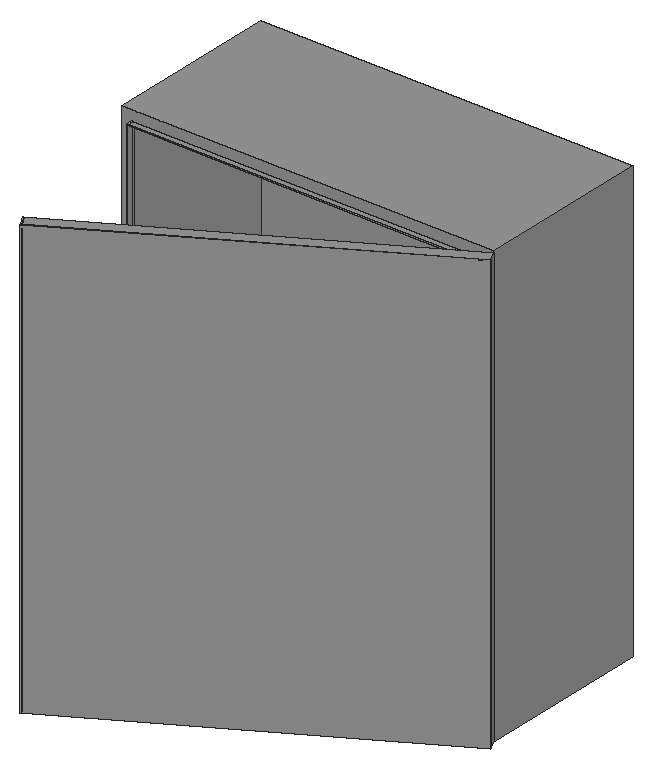
Revit family "Hager-Univers-IP55-D275-H650-Cl.II-Steel_encl-NoHosted-FR-fr", category Electrical Equipment, Revit 2020
Family settings
  Panel Configuration = Two Columns, Circuits Across
  Round Connector Dimension = Use Diameter
  Part Type = Panelboard
  Work Plane-Based = Yes
  Always vertical = Yes
  Cut with Voids When Loaded = No
  Shared = No
  Room Calculation Point = No
Parameters (values of type "saillie IP55 L550 H650 P275  - FR42S")
  Width Control [instance] = if([EF000008 - largeur] > Min Width, [EF000008 - largeur], Min Width)  # 550 mm
  Type Comments = [HG000003 - Gamme]  # "Univers"
  Thickness Door [instance] = if([EF009171 - épaisseur de matériau de la porte/du couvercle] > 3 mm, 3 mm, [EF009171 - épaisseur de matériau de la porte/du couvercle])  # 1.5 mm
  Seal Frame Offset [instance] = 17 mm  # constant formula
  Plinth Visibility [instance] = [HG000027 - Hauteur du socle] > 0 mm  # no
  Min Width [instance] = 100 mm  # constant formula
  Min Depth [instance] = (2 * [EF009170 - épaisseur de matériau du boîtier]) + 1 mm  # 4 mm
  Min Height [instance] = 100 mm  # constant formula
  Internal Frame Depth [instance] = (Door System Depth * 0.5)  # 9 mm
  Panel Name [instance] = ""  # (empty or 0)
  Model = ""
  HG000027 - Hauteur du socle = 0 mm
  HG000026 - Installation au sol = no
  HG000024 - Hauteur de la section basse = 600 mm
  HG000023 - Armoire double section = no
  HG000016 - Visibilité de la porte 3D [instance] = yes
  HG000015 - Visibilité de l'emprise de la porte [instance] = no
  HG000014 - Porte à droite [instance] = yes
  HG000013 - Porte à gauche [instance] = not([HG000014 - Porte à droite])  # no
  HG000012 - Angle de pivotement de la porte [instance] = 30.00°
  HG000010 - Portes asymétriques = no
  HG000009 - Porte à double battant = no
  HG000006 - Encastré = no
  HG000004 - Référence fabricant = "FR42S"
  HG000003 - Gamme = "Univers"
  HG000002 - avec porte = yes
  Frame Offset Bottom [instance] = 10 mm  # constant formula
  Frame Offset [instance] = 15 mm  # constant formula
  EF015940 - couvercle avec décharge de pression = no
  EF011959 - degré de protection (NEMA) = ""
  EF009554 - nombre d'ouvertures pour plaques à bride = 4
  EF009212 - finition du couvercle = "EV000116 - fermé"
  EF009171 - épaisseur de matériau de la porte/du couvercle = 1.5 mm
  EF009170 - épaisseur de matériau du boîtier = 1.5 mm
  EF008873 - courant nominal (In) = 800 A
  EF007800 - adapté à un parafoudre = no
  EF006306 - avec serrure = no
  EF006244 - couvercle/porte transparent(e) = no
  EF005474 - indice de protection (IP) = "EV006420 - IP55"
  EF004464 - type de porte = "EV002646 - unique"
  EF004427 - nombre de modules = 96
  EF004293 - indice de protection contre les chocs (IK) = "EV008784 - IK10"
  EF003532 - convient pour utilisation à l’extérieur = no
  EF002950 - largeur en nombre de modules = 24
  EF001613 - maintien de fonction = "EV000494 - sans"
  EF001596 - matériau du boîtier/corps = "EV000179 - acier"
  EF001131 - profondeur intérieure = 275 mm
  EF001088 - possibilité de montage en saillie = yes
  EF000437 - nombre d'entrées de conduit = 4
  EF000339 - type de capot = "EV004216 - porte"
  EF000266 - nombre de rangées = 4
  EF000218 - profondeur d'encastrement = 0 mm
  EF000118 - avec cadre/support de montage = no
  EF000116 - numéro RAL = "7035"
  EF000049 - profondeur = 275 mm
  EF000040 - hauteur = 650 mm
  EF000008 - largeur = 550 mm
  EF000007 - couleur = "EV000270 - gris"
  EF000003 - mode de pose = "EV000384 - saillie"
  Door System Leaf Tolerance [instance] = 1.5 mm  # constant formula
  Door System Depth [instance] = 18 mm  # constant formula
  Door Height [instance] = Height Control - [HG000027 - Hauteur du socle]  # 650 mm
  Description = ""
  Default Elevation = 1219.2 mm
  Connector Offset [instance] = Height Control / 2  # 325 mm
  Manufacturer = "Hager"  # constant formula
  Height Control [instance] = if([EF000040 - hauteur] > Min Height, [EF000040 - hauteur], Min Height)  # 650 mm
  Depth Control [instance] = if([EF000049 - profondeur] > Min Depth, [EF000049 - profondeur], Min Depth)  # 275 mm
  Bottom Top Plate Trim [instance] = 1.5 mm  # constant formula
  Plinth height Ctrl [instance] = if([HG000027 - Hauteur du socle] > 0 mm, [HG000027 - Hauteur du socle], 12 mm)  # 12 mm
Reference planes
  plane 1 "Center (Front/Back)": y = 0
  plane 2: z = 0
  plane 3 "Center (Left/Right)": x = 0
  plane 4: y = 0
  plane 5: y = 0
  plane 6: z = 0
  plane 7: x = -275
  plane 8: x = 275
  plane 9: x = 273.5
  plane 10: x = -273.5
  plane 11: z = 0
  plane 12: z = 1.5
  plane 13: y = -275
  plane 14: y = -1.5
  plane 15: x = 0
  plane 16: y = -257
  plane 17: y = -273.5
  plane 18: y = -255.5
  plane 19: x = -258.5
  plane 20: x = 258.5
  plane 21: z = 11.5
  plane 22: x = -258
  plane 23: x = 258
  plane 24: z = 0
  plane 25: z = 650
  plane 26: z = 650
  plane 27: z = 633.5
  plane 28: z = 648.5
Forms (mm)
  Extrusion 1, solid, material "Hager_Steel_RAL7035_Light_Grey", detail levels medium+fine
    sketch origin (-208.679, -4572, 0) x (-1, 0, 0) y (0, -1, 0)
      loop
        line (66.321, -4315) -> (-483.679, -4315) -> (-483.679, -4572) -> (66.321, -4572) -> (66.321, -4315)
    from 0 to 650
  Extrusion 2, void
    sketch origin (-350.771, -275, 1219.2) x (1, 0, 0) y (0, 0, 1)
      loop
        line (77.271, -570.7) -> (77.271, -1217.7) -> (624.271, -1217.7) -> (624.271, -570.7) -> (77.271, -570.7)
    from -19.5 to -273.5
  Extrusion 3, void
    sketch origin (-290.084, -257, 1219.2) x (1, 0, 0) y (0, 0, 1)
      loop
        line (31.584, -1207.7) -> (548.584, -1207.7) -> (548.584, -585.7) -> (31.584, -585.7) -> (31.584, -1207.7)
    from 0 to -1.5
  Extrusion 4, solid, material "Hager_Steel_RAL7035_Light_Grey", visible <- "Plinth Visibility", detail levels medium+fine
    sketch origin (0, 0, 0) x (1, 0, 0) y (0, 1, 0)
      loop
        line (-275, 0) -> (-275, -257) -> (275, -257) -> (275, 0) -> (-275, 0)
    from 0 to 12 <- "Plinth height Ctrl"
  Extrusion 5, solid, material "Hager_Steel_RAL7035_Light_Grey", detail levels coarse
    sketch origin (0, 0, 0) x (1, 0, 0) y (0, 1, 0)
      loop
        line (-275, 0) -> (-275, -275) -> (275, -275) -> (275, 0) -> (-275, 0)
    from 0 to 650 <- "Height Control"
  Sweep 6, void
    path in 3D
      loop
        line (-275, -257, 12) -> (275, -257, 12) -> (275, 0, 12) -> (-275, 0, 12) -> (-275, -257, 12)
    profile origin (-275, -128.5, 12) x (1, 0, 0) y (0, 0, 1)
      loop
        line (0, 0) -> (0, -1.5) -> (1.5, -1.5)
        arc (1.5, -1.5) -> (1.061, -0.439) -> (0, 0) r 1.5
  Extrusion 7, solid, material "Hager_Steel_RAL7035_Light_Grey", detail levels fine
    sketch origin (-275, -257, 0) x (1, 0, 0) y (0, 0, 1)
      loop
        line (16.5, 11.5) -> (533.5, 11.5) -> (533.5, 633.5) -> (16.5, 633.5) -> (16.5, 11.5)
      loop
        line (15, 10) -> (535, 10) -> (535, 635) -> (15, 635) -> (15, 10)
    from 0 to 9 <- "Internal Frame Depth"
Cuts and joins
  Extrusion 2, Extrusion 3 cuts Extrusion 1
  Sweep 6 cuts Extrusion 4
Lines and regions (mm)
  Masking region 1
    outline origin (0, 0, 0) x (1, 0, 0) y (0, 1, 0)
      loop
        line (-275, 0) -> (-275, -275) -> (275, -275) -> (275, 0) -> (-275, 0)
  Masking region 2, detail levels coarse
    outline origin (-290.084, -257, 1219.2) x (-1, 0, 0) y (0, 0, 1)
      loop
        line (-565.084, -1219.2) -> (-15.084, -1219.2) -> (-15.084, -569.2) -> (-565.084, -569.2) -> (-565.084, -1219.2)
  Masking region 3, detail levels coarse
    outline origin (0, 0, 0) x (0, 1, 0) y (0, 0, 1)
      loop
        line (0, 0) -> (0, 650) -> (-275, 650) -> (-275, 0) -> (0, 0)
  Masking region 4, visible <- "Plinth Visibility", detail levels medium+fine
    outline origin (0, 0, 0) x (0, 1, 0) y (0, 0, 1)
      loop
        line (-1.5, 12) -> (-255.5, 12)
        arc (-255.5, 12) -> (-255.939, 10.939) -> (-257, 10.5) r 1.5
        line (-257, 10.5) -> (-257, 0) -> (0, 0) -> (0, 10.5)
        arc (0, 10.5) -> (-1.061, 10.939) -> (-1.5, 12) r 1.5
  Masking region 5, detail levels medium+fine
    outline origin (0, 0, 594.038) x (0, 1, 0) y (0, 0, 1)
      loop
        line (0, -594.038) -> (0, 55.962) -> (-257, 55.962) -> (-257, -594.038) -> (0, -594.038)
  Masking region 6, detail levels medium+fine
    outline origin (-359.7, -257, 1211.883) x (-1, 0, 0) y (0, 0, 1)
      loop
        line (-634.7, -1211.883) -> (-84.7, -1211.883) -> (-84.7, -561.883) -> (-634.7, -561.883) -> (-634.7, -1211.883)
  Masking region 7, visible <- "Plinth Visibility", detail levels medium+fine
    outline origin (-320.334, -257, 1041.368) x (-1, 0, 0) y (0, 0, 1)
      loop
        line (-595.334, -1041.368) -> (-45.334, -1041.368) -> (-45.334, -1030.868)
        arc (-45.334, -1030.868) -> (-46.394, -1030.429) -> (-46.834, -1029.368) r 1.5
        line (-46.834, -1029.368) -> (-593.834, -1029.368)
        arc (-593.834, -1029.368) -> (-594.273, -1030.429) -> (-595.334, -1030.868) r 1.5
        line (-595.334, -1030.868) -> (-595.334, -1041.368)
  sketch lines
    curve 1: line (-275, 0, 12) -> (-275, -257, 12)
    curve 2: line (-275, -257, 12) -> (275, -257, 12)
    curve 3: line (275, 0, 12) -> (-275, 0, 12)
    curve 4: line (275, -257, 12) -> (275, 0, 12)
Dimensions and locks
  locked: plane 1 "Center (Front/Back)" to plane 5
  "EF009170 - épaisseur de matériau du boîtier": plane 7 to plane 10
  "EF009170 - épaisseur de matériau du boîtier": plane 8 to plane 9
  equal spacing: plane 7, plane 3 "Center (Left/Right)", plane 8
  "Width Control": plane 7 to plane 8
  "Depth Control": plane 4 to plane 13
  "EF009170 - épaisseur de matériau du boîtier": plane 4 to plane 14
  "Height Control": plane 25 to level
  "HG000027 - Hauteur du socle": plane 11 to level
  "EF009170 - épaisseur de matériau du boîtier": plane 12 to plane 11
  "EF009170 - épaisseur de matériau du boîtier": plane 17 to plane 13
  "EF009170 - épaisseur de matériau du boîtier": plane 18 to plane 16
  "Frame Offset Bottom": plane 21 to plane 12
  "Frame Offset": plane 10 to plane 19
  "Frame Offset": plane 9 to plane 20
  "Door System Depth": plane 16 to plane 13
  "Seal Frame Offset": plane 7 to plane 22
  "Seal Frame Offset": plane 8 to plane 23
  "EF009170 - épaisseur de matériau du boîtier": plane 26 to plane 28
  "Frame Offset": plane 28 to plane 27
  "Connector Offset": plane 2 to connector elem
  "Bottom Top Plate Trim": profile plane to Sweep 6 sketch curve
  "Bottom Top Plate Trim": Sweep 6 sketch curve to Sweep 6 sketch curve
  "Plinth height Ctrl": Masking region 4 sketch curve to level
  "Plinth height Ctrl": Masking region 7 sketch curve to level
  "Thickness Door": Extrusion 7 sketch curve to Extrusion 7 sketch curve  (x4)
  "Bottom Top Plate Trim": radius of Sweep 6 sketch curve
  "Bottom Top Plate Trim": radius of Masking region 4 sketch curve  (x2)
  "Bottom Top Plate Trim": radius of Masking region 7 sketch curve  (x2)
  aligned and locked: Extrusion 2 sketch curve to plane 12
  aligned and locked: Extrusion 2 sketch curve to plane 9
  aligned and locked: Extrusion 2 sketch curve to plane 10
  aligned and locked: plane 14 to Extrusion 2
  aligned and locked: plane 4 to Extrusion 1 sketch curve
  aligned and locked: plane 8 to Extrusion 1 sketch curve
  aligned and locked: plane 7 to Extrusion 1 sketch curve
  aligned and locked: Extrusion 2 to plane 18
  aligned and locked: Extrusion 3 sketch curve to plane 19
  aligned and locked: plane 20 to Extrusion 3 sketch curve
  aligned and locked: Extrusion 3 to Extrusion 2
  aligned and locked: Extrusion 3 sketch curve to plane 21
  aligned and locked: plane 3 "Center (Left/Right)" to nested 1
  aligned and locked: Extrusion 1 sketch curve to plane 16
  aligned and locked: Extrusion 4 sketch curve to cut or joined group of Extrusion 1, Extrusion 2, Extrusion 3
  aligned and locked: Masking region 1 sketch curve to plane 7
  aligned and locked: Masking region 1 sketch curve to plane 5
  aligned and locked: Masking region 1 sketch curve to plane 8
  aligned and locked: Masking region 2 sketch curve to level
  aligned and locked: level to Masking region 3 sketch curve
  aligned and locked: plane 1 "Center (Front/Back)" to Masking region 3 sketch curve
  aligned and locked: plane 13 to Masking region 3 sketch curve
  aligned and locked: plane 5 to Masking region 4 sketch curve
  aligned and locked: Masking region 2 sketch curve to plane 8
  aligned and locked: Masking region 2 sketch curve to plane 7
  aligned and locked: plane 7 to nested 2
  aligned and locked: nested 2 to plane 5
  aligned and locked: plane 5 to Masking region 5 sketch curve
  aligned and locked: plane 26 to Masking region 5 sketch curve
  aligned and locked: Extrusion 5 sketch curve to plane 8
  aligned and locked: Extrusion 5 sketch curve to plane 7
  aligned and locked: Extrusion 5 sketch curve to plane 5
  aligned and locked: Extrusion 3 sketch curve to plane 27
  aligned and locked: Extrusion 2 sketch curve to plane 28
  aligned and locked: Masking region 2 to plane 25
  aligned and locked: Extrusion 4 to plane 16
  aligned and locked: profile plane to Sweep 6 sketch curve
  aligned and locked: Masking region 5 sketch curve to plane 24
  aligned and locked: level to Masking region 4 sketch curve
  aligned and locked: Masking region 1 to plane 13
  aligned and locked: nested 1 to plane 16
  aligned and locked: Masking region 3 to plane 25
  aligned and locked: plane 16 to Masking region 4 sketch curve
  aligned and locked: Masking region 5 sketch curve to plane 16
  aligned and locked: plane 24 to plane 11
  aligned and locked: plane 26 to plane 25
  aligned and locked: plane 26 to cut or joined group of Extrusion 1, Extrusion 2, Extrusion 3
  aligned and locked: nested 1 to plane 24
  aligned and locked: Extrusion 1 to Extrusion 3
  aligned and locked: Masking region 6 sketch curve to plane 8
  aligned and locked: Masking region 6 sketch curve to plane 24
  aligned and locked: Masking region 6 sketch curve to plane 7
  aligned and locked: Masking region 6 sketch curve to plane 26
  aligned and locked: Masking region 7 sketch curve to plane 7
  aligned and locked: level to Masking region 7 sketch curve
  aligned and locked: Masking region 7 sketch curve to plane 8
  aligned and locked: Extrusion 7 sketch curve to cut or joined group of Extrusion 1, Extrusion 2, Extrusion 3  (x4)
Automatic sketch dimensions
  plane 19 to Extrusion 3 sketch curve = 0 mm
  Extrusion 3 sketch curve to plane 20 = 0 mm
  Extrusion 3 sketch curve to plane 21 = 0 mm
  Extrusion 4 sketch curve to plane 7 = 0 mm
  Extrusion 4 sketch curve to plane 8 = 0 mm
  Extrusion 4 sketch curve to plane 16 = 0 mm
  Masking region 1 sketch curve to plane 13 = 0 mm
  Masking region 2 sketch curve to plane 25 = 0 mm
  Masking region 3 sketch curve to plane 25 = 0 mm
  Extrusion 5 sketch curve to plane 13 = 0 mm
  profile plane to Sweep 6 sketch curve = 0 mm
Nested families
  nested 1: "EC000058_Univers_Door" at (0, -257, 0), Double <- "HG000009 - Porte à double battant", Transparent <- "EF006244 - couvercle/porte transparent(e)", Angle <- "HG000012 - Angle de pivotement de la porte", Door_Right <- "HG000014 - Porte à droite", Assymetrical <- "HG000010 - Portes asymétriques", Door <- "HG000002 - avec porte", Width_Ctrl <- "Width Control", 3d_Door <- "HG000016 - Visibilité de la porte 3D", Clearance <- "HG000015 - Visibilité de l'emprise de la porte", Door_Left <- "HG000013 - Porte à gauche", Width <- "Width Control", Door_Depth <- "Door System Depth", Leaf_Tolerance <- "Door System Leaf Tolerance", Height <- "Door Height", Lock_Visibility <- "EF006306 - avec serrure", Thickness <- "Thickness Door", type "EC000058_Univers_Door", detail levels medium+fine
    with min_wh 4 mm, Width_Ctrl 550 mm, Width 550 mm, Transparent no, Thickness 1.5 mm, Seal_Material Hager_Rubber, Lock_Visibility no, Lock_Material Hager_Plastic_RAL9005_Jet_Black, Leaf_Width 550 mm, Leaf_Tolerance_External_Sides 0 mm, Leaf_Tolerance 1.5 mm, Leaf_Offset 0 mm, Leaf_Height 647 mm, Leaf_2_Width 550 mm, Leaf_2_Offset 275 mm, Leaf_1_Width 550 mm, Leaf_1_Offset 275 mm, Height_Ctrl 650 mm, Height 650 mm, Glass_Material Hager_Glass, Double_Clearance_Ctrl no, Double no, Door_Right_Ctrl yes, Door_Right yes, Door_Material Hager_Steel_RAL7035_Light_Grey, Door_Left_Ctrl no, Door_Left no, Door_Depth 18 mm, Door yes, Clearance_Material Hager_Clearance, Clearance_Depth 550 mm, Clearance_Ctrl no, Clearance no, Assymetrical no, Angle 30.00°, 3d_Door yes
  nested 2: "Hager_Enclosure_Symbol" at (-275, 0, 0), Height <- "Depth Control", Width <- "Width Control", type "Hager_Enclosure_Symbol"
    with Width_Ctrl 550 mm, Width 550 mm, Height_Ctrl 275 mm, Height 275 mm, A_Width_Int 18.047 mm, A_Width 216.562 mm, A_Height_Ctrl 240.625 mm, A_Height 240.625 mm
Connectors
  electrical at (0, 0, 325)
    settings: on plane 1 "Center (Front/Back)", index 1, voltage 0 V, apparent load 0 VA, apparent load phase1 0 VA, apparent load phase2 0 VA, apparent load phase3 0 VA, power factor 1, load classification "Other", number of poles 1, system type 30, power factor state 1, is connector primary yes, connector utility no, sub classification motor no, connector description ""
Definition of nested family "EC000058_Univers_Door"
  Parameters (values of type "EC000058_Univers_Door")
    min_wh [instance] = (2 * Thickness) + 1 mm  # 11 mm
    Width_Ctrl [instance] = 400 mm
    Width [instance] = 500 mm
    Transparent [instance] = yes
    Thickness [instance] = 5 mm
    Seal_Material [instance] = none
    Lock_Visibility [instance] = yes
    Lock_Material [instance] = none
    Leaf_Width [instance] = if((Width_Ctrl - 2 * Leaf_Tolerance_External_Sides) > 0 mm, (Width_Ctrl - 2 * Leaf_Tolerance_External_Sides), min_wh)  # 400 mm
    Leaf_Tolerance_External_Sides [instance] = 0 mm  # constant formula
    Leaf_Tolerance [instance] = 1.5 mm
    Leaf_Offset [instance] = 0 mm  # constant formula
    Leaf_Height [instance] = if((Height_Ctrl - 2 * Leaf_Tolerance) > 0 mm, (Height_Ctrl - 2 * Leaf_Tolerance), min_wh)  # 497 mm
    Leaf_2_Width [instance] = if(and(and(Double, Assymetrical), Door_Left), (Leaf_Width / 3) - (Leaf_Tolerance / 2), if(and(and(Double, Assymetrical), Door_Right), (Leaf_Width / 3) * 2 - (Leaf_Tolerance / 2), if(and(Double, not(Assymetrical)), (Leaf_Width / 2) - Leaf_Tolerance, Leaf_Width)))  # 400 mm
    Leaf_2_Offset [instance] = if(and(Double, Assymetrical), Leaf_2_Width / 2, if(and(Double, not(Assymetrical)), Leaf_Width / 4, Leaf_Width / 2))  # 200 mm
    Leaf_1_Width [instance] = if(and(and(Double, Assymetrical), Door_Right), (Leaf_Width / 3) - (Leaf_Tolerance / 2), if(and(and(Double, Assymetrical), Door_Left), (Width / 3) * 2 - (Leaf_Tolerance / 2), if(and(Double, not(Assymetrical)), (Leaf_Width / 2) - Leaf_Tolerance, Leaf_Width)))  # 400 mm
    Leaf_1_Offset [instance] = if(and(Double, Assymetrical), Leaf_1_Width / 2, if(and(Double, not(Assymetrical)), Leaf_Width / 4, Leaf_Width / 2))  # 200 mm
    Height_Ctrl [instance] = if(Height > min_wh, Height, min_wh)  # 500 mm
    Height [instance] = 500 mm
    Glass_Material [instance] = none
    Double_Clearance_Ctrl [instance] = and(Double, Clearance)  # no
    Double [instance] = no
    Door_Right_Ctrl [instance] = and(or(Door_Right, Double), Door)  # yes
    Door_Right [instance] = yes
    Door_Material [instance] = none
    Door_Left_Ctrl [instance] = and(or(Door_Left, Double), Door)  # no
    Door_Left [instance] = no
    Door_Depth [instance] = 30 mm
    Door [instance] = yes
    Default Elevation = 1219.2 mm
    Clearance_Material [instance] = none
    Clearance_Depth [instance] = if(Leaf_1_Width > Leaf_2_Width, Leaf_1_Width, Leaf_2_Width)  # 400 mm
    Clearance_Ctrl [instance] = and(not(Double), Clearance)  # yes
    Clearance [instance] = yes
    Assymetrical [instance] = yes
    Angle [instance] = 30.00°
    3d_Door [instance] = yes
  Reference planes
    plane 1 "Center (Front/Back)": y = 0
    plane 2 "Bottom": z = 0
    plane 3 "Center (Left/Right)": x = 0
    plane 4: z = 500
    plane 5: x = -200
    plane 6: x = 200
    plane 7: z = 500
    plane 8: x = -200
    plane 9: z = 0
    plane 10: x = 200
    plane 11: y = 0
    plane 12: z = 1.5
    plane 13: x = -600
    plane 14: y = -400
    plane 15: x = 600
    plane 16: x = 0
    plane 17: x = 0
    plane 18: x = -200
    plane 19: x = 200
    plane 20: z = 498.5
  Forms (mm)
    Extrusion 1, solid, material <- "Clearance_Material", visible <- "Double_Clearance_Ctrl"
      sketch origin (1200, 0, 0) x (1, 0, 0) y (0, 0, -1)
        loop
          line (-1800, -498.5) -> (-600, -498.5) -> (-600, 0) -> (-1800, 0) -> (-1800, -498.5)
      from 0 to -400
  Dimensions and locks
    equal spacing: plane 5, plane 3 "Center (Left/Right)", plane 6
    "Width_Ctrl": plane 5 to plane 6
    "Leaf_Offset": plane 5 to plane 8
    "Leaf_Offset": plane 6 to plane 10
    "Leaf_Offset": plane 9 to level
    "Leaf_Offset": plane 4 to plane 7
    "Height_Ctrl": plane 4 to level
    "Leaf_Tolerance": plane 12 to plane 9
    locked: plane 11 to plane 1 "Center (Front/Back)"
    "Leaf_1_Offset": plane 18 to plane 16
    "Leaf_2_Offset": plane 17 to plane 19
    "Leaf_1_Width": plane 13 to plane 8
    "Leaf_2_Width": plane 10 to plane 15
    "Clearance_Depth": plane 14 to plane 1 "Center (Front/Back)"
    "Leaf_Tolerance_External_Sides": plane 8 to plane 18
    "Leaf_Tolerance_External_Sides": plane 19 to plane 10
    "Leaf_Tolerance": plane 7 to plane 20
    aligned and locked: level to plane 2 "Bottom"
    aligned and locked: nested 1 to plane 16
    aligned and locked: nested 2 to plane 17
    aligned and locked: Extrusion 1 to plane 13
    aligned and locked: plane 15 to Extrusion 1
    aligned and locked: Extrusion 1 to plane 14
    aligned and locked: plane 12 to nested 1
    aligned and locked: nested 2 to plane 12
    aligned and locked: Extrusion 1 to plane 11
    aligned and locked: plane 20 to Extrusion 1
    aligned and locked: nested 2 to plane 11
    aligned and locked: nested 1 to plane 11
  Automatic sketch dimensions
    Extrusion 1 sketch curve to level = 0 mm
    plane 5 to Extrusion 1 sketch curve = 400 mm
    plane 6 to Extrusion 1 sketch curve = 400 mm
    Extrusion 1 sketch curve to plane 4 = 1.5 mm
  Nested families
    nested 1: "EC000058_Univers_Door_Leaf" at (0, 0, 1.5), Width <- "Leaf_1_Width", visible <- "Door_Left_Ctrl", Leaf_Height <- "Leaf_Height", Angle <- "Angle", 3d_Door <- "3d_Door", Transparent <- "Transparent", Clearance Material <- "Clearance_Material", Clearance <- "Clearance_Ctrl", Door_Material <- "Door_Material", Glass_Material <- "Glass_Material", Door_Depth <- "Door_Depth", Lock_Material <- "Lock_Material", Seal_Material <- "Seal_Material", Lock_Visibility <- "Lock_Visibility", Thickness <- "Thickness", type "EC000058_Univers_Door_Leaf"
      with Width 400 mm, Transparent_Glass_Offset 30 mm, Transparent_Ctrl yes, Transparent yes, Thickness 5 mm, Standard no, Seal_Material none, Seal_D2 8 mm, Seal_D1 1 mm, Offset_Internal_Frame 10 mm, Lock_Width 20 mm, Lock_Visibility_3d yes, Lock_Visibility yes, Lock_Thickness_3 3 mm, Lock_Thickness_2 1 mm, Lock_Thickness_1 3 mm, Lock_Radius_Offset_2 16 mm, Lock_Radius_Offset_1 15 mm, Lock_Radius_2 5 mm, Lock_Radius 6 mm, Lock_Offset 5 mm, Lock_Material none, Lock_Height 80 mm, Lock_Cover_Top_Offset_2d 17 mm, Lock_Cover_Height -65 mm, Leaf_Height 497 mm, Internal_Seal_Thickness 8 mm, Internal_Seal_Depth_2 4.5 mm, Internal_Frame_Depth 25 mm, Glass_Thickness -1 mm, Glass_Offset -2 mm, Glass_Material none, Door_Material none, Door_Depth 30 mm, Clearance Material none, Clearance yes, Angle_Ctrl 30.00°, Angle 30.00°, 3d_Door yes
    nested 2: "EC000058_Univers_Door_Leaf" at (0, 0, 1.5) x (-1, 0, 0) z (0, 0, 1), Width <- "Leaf_2_Width", visible <- "Door_Right_Ctrl", Leaf_Height <- "Leaf_Height", Angle <- "Angle", 3d_Door <- "3d_Door", Transparent <- "Transparent", Clearance Material <- "Clearance_Material", Clearance <- "Clearance_Ctrl", Door_Material <- "Door_Material", Glass_Material <- "Glass_Material", Door_Depth <- "Door_Depth", Lock_Material <- "Lock_Material", Seal_Material <- "Seal_Material", Lock_Visibility <- "Lock_Visibility", Thickness <- "Thickness", type "EC000058_Univers_Door_Leaf"
      with Width 400 mm, Transparent_Glass_Offset 30 mm, Transparent_Ctrl yes, Transparent yes, Thickness 5 mm, Standard no, Seal_Material none, Seal_D2 8 mm, Seal_D1 1 mm, Offset_Internal_Frame 10 mm, Lock_Width 20 mm, Lock_Visibility_3d yes, Lock_Visibility yes, Lock_Thickness_3 3 mm, Lock_Thickness_2 1 mm, Lock_Thickness_1 3 mm, Lock_Radius_Offset_2 16 mm, Lock_Radius_Offset_1 15 mm, Lock_Radius_2 5 mm, Lock_Radius 6 mm, Lock_Offset 5 mm, Lock_Material none, Lock_Height 80 mm, Lock_Cover_Top_Offset_2d 17 mm, Lock_Cover_Height -65 mm, Leaf_Height 497 mm, Internal_Seal_Thickness 8 mm, Internal_Seal_Depth_2 4.5 mm, Internal_Frame_Depth 25 mm, Glass_Thickness -1 mm, Glass_Offset -2 mm, Glass_Material none, Door_Material none, Door_Depth 30 mm, Clearance Material none, Clearance yes, Angle_Ctrl 30.00°, Angle 30.00°, 3d_Door yes
  Definition of nested family "EC000058_Univers_Door_Leaf"
    Parameters (values of type "EC000058_Univers_Door_Leaf")
      Width [instance] = 2000 mm
      Transparent_Glass_Offset [instance] = 30 mm
      Transparent_Ctrl [instance] = and(Transparent, [3d_Door])  # yes
      Transparent [instance] = yes
      Thickness [instance] = 5 mm
      Standard [instance] = and(not(Transparent), [3d_Door])  # no
      Seal_Material [instance] = none
      Seal_D2 [instance] = 8 mm  # constant formula
      Seal_D1 [instance] = 1 mm  # constant formula
      Offset_Internal_Frame [instance] = 10 mm  # constant formula
      Lock_Width [instance] = 20 mm  # constant formula
      Lock_Visibility_3d [instance] = and(Lock_Visibility, [3d_Door])  # yes
      Lock_Visibility [instance] = yes
      Lock_Thickness_3 [instance] = 3 mm  # constant formula
      Lock_Thickness_2 [instance] = 1 mm  # constant formula
      Lock_Thickness_1 [instance] = 3 mm  # constant formula
      Lock_Radius_Offset_2 [instance] = Lock_Radius_Offset_1 + 1 mm  # 16 mm
      Lock_Radius_Offset_1 [instance] = 15 mm  # constant formula
      Lock_Radius_2 [instance] = Lock_Radius - 1 mm  # 5 mm
      Lock_Radius [instance] = 6 mm  # constant formula
      Lock_Offset [instance] = 5 mm  # constant formula
      Lock_Material [instance] = none
      Lock_Height [instance] = 80 mm  # constant formula
      Lock_Cover_Top_Offset_2d [instance] = Lock_Radius_Offset_2 + 1 mm  # 17 mm
      Lock_Cover_Height [instance] = -(Lock_Height - Lock_Radius_Offset_1)  # -65 mm
      Leaf_Height [instance] = 2720.336 mm
      Internal_Seal_Thickness [instance] = 8 mm  # constant formula
      Internal_Seal_Depth_2 [instance] = 4.5 mm  # constant formula
      Internal_Frame_Depth [instance] = if(Door_Depth - Thickness > 5 mm, Door_Depth - Thickness, 5 mm)  # 25 mm
      Glass_Thickness [instance] = if(Thickness > 15 mm, Glass_Offset + 10 mm, -1 mm)  # -1 mm
      Glass_Offset [instance] = if(Thickness > 15 mm, -(Thickness + 10 mm) / 2, -2 mm)  # -2 mm
      Glass_Material [instance] = none
      Door_Material [instance] = none
      Door_Depth [instance] = 30 mm
      Default Elevation = 0 mm
      Clearance Material [instance] = none
      Clearance [instance] = yes
      Angle_Ctrl [instance] = if(Angle > 180.00°, 180.00°, Angle)  # 90.00°
      Angle [instance] = 90.00°
      3d_Door [instance] = yes
    Reference planes
      plane 1 "Center (Front/Back)": y = 0
      plane 2: z = 0
      plane 3 "Center (Left/Right)": x = 0
      plane 4: y = 2000
      plane 5: x = -1000
      plane 6: x = 1000
      plane 7: x = -3000
      plane 8: z = 2720.336
      plane 9: z = 30
      plane 10: z = 2690.336
      plane 11: x = 970
      plane 12: x = -970
      plane 13: y = -3
      plane 14: z = 107.833
      plane 15: y = -5
      plane 16: y = -223.314
      plane 17: x = -1000
      plane 18: z = 1360.168
      plane 19: y = 30
    Forms (mm)
      Extrusion 1, solid, material <- "Clearance Material", visible <- "Clearance"
        sketch origin (0, 0, 0) x (1, 0, 0) y (0, 0, 1)
          loop
            line (-3000, 2720.336) -> (-3000, 0) -> (1000, 0) -> (1000, 2720.336) -> (-3000, 2720.336)
        from 0 to -2000
      Extrusion 2, solid, material <- "Door_Material", visible <- "Standard", detail levels medium+fine
        sketch origin (-1000, 0, 0) x (0, 1, 0) y (-1, 0, 0)
          loop
            line (0, 30) -> (0, 25) -> (2000, 25) -> (2000, 30) -> (0, 30)
        from 0 to 2720.336 <- "Leaf_Height"
      Extrusion 3, solid, material <- "Door_Material", visible <- "Transparent_Ctrl", detail levels medium+fine
        sketch origin (-1000, 0, 0) x (0, 1, 0) y (-1, 0, 0)
          loop
            line (0, 25) -> (2000, 25) -> (2000, 30) -> (0, 30) -> (0, 25)
        from 0 to 2720.336 <- "Leaf_Height"
      Extrusion 4, void
        sketch origin (-1025, 2000, 0) x (0, 1, 0) y (0, 0, -1)
          loop
            line (-30, -2690.336) -> (-30, -30) -> (-1970, -30) -> (-1970, -2690.336) -> (-30, -2690.336)
        from 0 to 5 <- "Thickness"
      Sweep 5, solid, material <- "Seal_Material", visible <- "Transparent_Ctrl", detail levels fine
        path in 3D
          loop
            line (-1025, 30, 30) -> (-1025, 30, 2690.336) -> (-1025, 1970, 2690.336) -> (-1025, 1970, 30) -> (-1025, 30, 30)
        profile origin (-1025, 1000, 30) x (1, 0, 0) y (0, 0, 1)
          loop
            line (0, 0) -> (0, -8) -> (1, -8) -> (1, 0) -> (0, 0)
      Extrusion 6, solid, material <- "Glass_Material", visible <- "Transparent_Ctrl", detail levels medium+fine
        sketch origin (-1030, 0, 0) x (0, 1, 0) y (0, 0, -1)
          loop
            line (1970, -2690.336) -> (1970, -30) -> (30, -30) -> (30, -2690.336) -> (1970, -2690.336)
        from -2 <- "Glass_Offset" to -1 <- "Glass_Thickness"
      Extrusion 7, solid, material <- "Door_Material", visible <- "3d_Door", detail levels medium+fine
        sketch origin (-1025, 2000, 0) x (0, -1, 0) y (0, 0, -1)
          loop
            line (0, -2720.336) -> (2000, -2720.336) -> (2000, 0) -> (0, 0) -> (0, -2720.336)
          loop
            line (1995, -5) -> (5, -5) -> (5, -2715.336) -> (1995, -2715.336) -> (1995, -5)
        from 0 to 25 <- "Internal_Frame_Depth"
      Sweep 8, solid, material <- "Seal_Material", visible <- "Transparent_Ctrl", detail levels fine
        path in 3D
          loop
            line (-1025, 0, 0) -> (-1025, 2000, 0) -> (-1025, 2000, 2720.336) -> (-1025, 0, 2720.336) -> (-1025, 0, 0)
        profile origin (-1025, 0, 1360.168) x (1, 0, 0) y (0, 1, 0)
          loop
            line (0, 10) -> (2.975, 10)
            arc (2.975, 10) -> (4.053, 10.447) -> (4.5, 11.525) r 1.525
            line (4.5, 11.525) -> (4.5, 16.527)
            arc (4.5, 16.527) -> (4.069, 17.569) -> (3.027, 18) r 1.473
            line (3.027, 18) -> (0, 18) -> (0, 10)
      Extrusion 9, solid, material <- "Lock_Material", visible <- "Lock_Visibility_3d", detail levels fine
        sketch origin (-1030, 0, 0) x (0, 1, 0) y (0, 0, -1)
          loop
            arc (1993.5, -1400.168) -> (1994.561, -1399.729) -> (1995, -1398.668) r 1.5
            line (1995, -1398.668) -> (1995, -1320.168) -> (1975, -1320.168) -> (1975, -1398.668)
            arc (1975, -1398.668) -> (1975.439, -1399.729) -> (1976.5, -1400.168) r 1.5
            line (1976.5, -1400.168) -> (1993.5, -1400.168)
        from 3 <- "Lock_Thickness_1" to 0
      Blend 10, solid, material <- "Lock_Material", visible <- "Lock_Visibility_3d", detail levels fine
        base sketch origin (-1033, 0, 0) x (0, 1, 0) y (0, 0, -1)
          loop
            line (1975, -1320.168) -> (1975, -1398.668)
            arc (1975, -1398.668) -> (1975.439, -1399.729) -> (1976.5, -1400.168) r 1.5
            line (1976.5, -1400.168) -> (1993.5, -1400.168)
            arc (1993.5, -1400.168) -> (1994.561, -1399.729) -> (1995, -1398.668) r 1.5
            line (1995, -1398.668) -> (1995, -1320.168) -> (1975, -1320.168)
        top sketch origin (-1033, 0, 0) x (0, 1, 0) y (0, 0, -1)
          loop
            line (1976, -1320.168) -> (1976, -1398.668)
            arc (1976, -1398.668) -> (1976.146, -1399.022) -> (1976.5, -1399.168) r 0.5
            line (1976.5, -1399.168) -> (1993.5, -1399.168)
            arc (1993.5, -1399.168) -> (1993.854, -1399.022) -> (1994, -1398.668) r 0.5
            line (1994, -1398.668) -> (1994, -1320.168) -> (1976, -1320.168)
        from 0 to 1 <- "Lock_Thickness_2"
      Blend 11, solid, material <- "Lock_Material", visible <- "Lock_Visibility_3d", detail levels fine
        base sketch origin (-1034, 0, 0) x (0, 1, 0) y (0, 0, -1)
          loop
            line (1978, -1320.168) -> (1978, -1384.168)
            arc (1978, -1384.168) -> (1985, -1391.168) -> (1992, -1384.168) r 7
            line (1992, -1384.168) -> (1992, -1320.168) -> (1978, -1320.168)
        top sketch origin (-1034, 0, 0) x (0, 1, 0) y (0, 0, -1)
          loop
            line (1991, -1320.168) -> (1979, -1320.168) -> (1979, -1383.168)
            arc (1979, -1383.168) -> (1985, -1389.168) -> (1991, -1383.168) r 6
            line (1991, -1383.168) -> (1991, -1320.168)
        from 0 to 3 <- "Lock_Thickness_3"
      Extrusion 12, solid, material <- "Lock_Material", visible <- "Lock_Visibility_3d", detail levels fine
        sketch origin (-1030, 1975, 1320.168) x (1, 0, 0) y (0, -1, 0)
          loop
            line (-7, -19) -> (-7, -1) -> (0, -1) -> (0, 0) -> (-8, 0) -> (-8, -20) -> (0, -20) -> (0, -19) -> (-7, -19)
        from 0 to -65 <- "Lock_Cover_Height"
      Extrusion 13, void
        sketch origin (-1038, 1995, 1320.168) x (-1, 0, 0) y (0, 0, -1)
          loop
            line (-5, -65) -> (0, -65) -> (-5, -60) -> (-5, -65)
        from 0 to 20 <- "Lock_Width"
      Extrusion 14, void
        sketch origin (-1038, 1975, 1320.168) x (0, -1, 0) y (0, 0, -1)
          loop
            circle (-10, -15.995) r 6
          loop
            circle (-10, -15.995) r 5
        from 0 to 2
      Extrusion 15, solid, material <- "Lock_Material", visible <- "Lock_Visibility_3d", detail levels medium
        sketch origin (-1030, 0, 0) x (0, 1, 0) y (0, 0, -1)
          loop
            arc (1993.5, -1400.168) -> (1994.561, -1399.729) -> (1995, -1398.668) r 1.5
            line (1995, -1398.668) -> (1995, -1320.168) -> (1975, -1320.168) -> (1975, -1398.668)
            arc (1975, -1398.668) -> (1975.439, -1399.729) -> (1976.5, -1400.168) r 1.5
            line (1976.5, -1400.168) -> (1993.5, -1400.168)
        from 8 to 0
    Cuts and joins
      Extrusion 4 cuts Extrusion 3
      Extrusion 13, Extrusion 14 cuts Extrusion 9
      Extrusion 14 cuts Blend 11
      Extrusion 13, Extrusion 14 cuts Extrusion 12
      joined: Extrusion 9, Blend 10, Blend 11, Extrusion 12
      Extrusion 14 cuts Extrusion 15
    Lines and regions (mm)
      Masking region 1, visible <- "Lock_Visibility", detail levels fine
        outline origin (0, 0, 0) x (0, 1, 0) y (0, 0, 1)
          loop
            line (30, 1320.168) -> (33, 1320.168) -> (33, 1400.168) -> (30, 1400.168) -> (30, 1320.168)
      Masking region 2, visible <- "Lock_Visibility", detail levels fine
        outline origin (0, 3.143, 0) x (0, 1, 0) y (0, 0, 1)
          loop
            line (29.857, 1354.168) -> (30.857, 1354.168) -> (30.857, 1366.168) -> (29.857, 1366.168) -> (29.857, 1354.168)
      Masking region 3, detail levels medium+fine
        outline origin (0, 0, 0) x (0, 1, 0) y (0, 0, 1)
          loop
            line (0, 0) -> (30, 0) -> (30, 2720.336) -> (0, 2720.336) -> (0, 0)
      Masking region 4, detail levels medium+fine
        outline origin (0, 0, 0) x (1, 0, 0) y (0, 0, 1)
          loop
            line (-1000, 2720.336) -> (-1000, 0) -> (1000, 0) -> (1000, 2720.336) -> (-1000, 2720.336)
      Masking region 5, visible <- "Lock_Visibility", detail levels fine
        outline origin (-47.116, 0, 0) x (1, 0, 0) y (0, 0, 1)
          loop
            arc (1024.616, 1399.168) -> (1023.556, 1398.729) -> (1023.116, 1397.668) r 1.5
            line (1023.116, 1397.668) -> (1023.116, 1320.168) -> (1041.116, 1320.168) -> (1041.116, 1397.668)
            arc (1041.116, 1397.668) -> (1040.677, 1398.729) -> (1039.616, 1399.168) r 1.5
            line (1039.616, 1399.168) -> (1024.616, 1399.168)
      Masking region 6, visible <- "Lock_Visibility", detail levels medium+fine
        outline origin (-25, 0, 0) x (1, 0, 0) y (0, 0, 1)
          loop
            arc (1001.5, 1400.168) -> (1000.439, 1399.729) -> (1000, 1398.668) r 1.5
            line (1000, 1398.668) -> (1000, 1320.168) -> (1020, 1320.168) -> (1020, 1398.668)
            arc (1020, 1398.668) -> (1019.561, 1399.729) -> (1018.5, 1400.168) r 1.5
            line (1018.5, 1400.168) -> (1001.5, 1400.168)
      Masking region 7, visible <- "Lock_Visibility", detail levels fine
        outline origin (-73.735, 0, 0) x (1, 0, 0) y (0, 0, 1)
          loop
            line (1051.735, 1382.168) -> (1065.735, 1382.168) -> (1065.735, 1384.168)
            arc (1065.735, 1384.168) -> (1058.735, 1391.168) -> (1051.735, 1384.168) r 7
            line (1051.735, 1384.168) -> (1051.735, 1382.168)
      Masking region 8, visible <- "Lock_Visibility", detail levels fine
        outline origin (-73.735, 0, 0) x (1, 0, 0) y (0, 0, 1)
          loop
            line (1052.735, 1382.168) -> (1064.735, 1382.168) -> (1064.735, 1383.168)
            arc (1064.735, 1383.168) -> (1058.735, 1389.168) -> (1052.735, 1383.168) r 6
            line (1052.735, 1383.168) -> (1052.735, 1382.168)
      Masking region 9, visible <- "Lock_Visibility", detail levels fine
        outline origin (-25, 0, 0) x (1, 0, 0) y (0, 0, 1)
          loop
            line (1020, 1320.168) -> (1020, 1382.168) -> (1000, 1382.168) -> (1000, 1320.168) -> (1020, 1320.168)
      Masking region 10, detail levels medium+fine
        outline origin (0, 0, 0) x (1, 0, 0) y (0, 0, 1)
          loop
            circle (985, 1335.144) r 6
      Masking region 11, detail levels fine
        outline origin (0, 0, 0) x (1, 0, 0) y (0, 0, 1)
          loop
            circle (985, 1335.144) r 5
      Masking region 12, visible <- "Lock_Visibility", detail levels fine
        outline origin (0, 12.767, 0) x (0, 1, 0) y (0, 0, 1)
          loop
            line (20.233, 1320.168) -> (21.233, 1320.168) -> (21.233, 1399.168) -> (20.233, 1400.168) -> (20.233, 1320.168)
      Masking region 13, visible <- "Lock_Visibility", detail levels fine
        outline origin (0, 13.767, -10) x (0, 1, 0) y (0, 0, 1)
          loop
            line (20.233, 1330.168) -> (23.233, 1330.168) -> (23.233, 1399.168) -> (20.233, 1402.168) -> (20.233, 1330.168)
      Masking region 14, visible <- "Lock_Visibility", detail levels fine
        outline origin (0, 12.767, -10) x (0, 1, 0) y (0, 0, 1)
          loop
            line (20.233, 1330.168) -> (25.233, 1330.168) -> (25.233, 1399.305) -> (20.233, 1394.305) -> (20.233, 1330.168)
      Masking region 15, visible <- "Lock_Visibility", detail levels medium
        outline origin (0, 0, 0) x (0, 1, 0) y (0, 0, 1)
          loop
            line (30, 1320.168) -> (38, 1320.168) -> (38, 1400.168) -> (30, 1400.168) -> (30, 1320.168)
      Masking region 16, visible <- "Lock_Visibility", detail levels fine
        outline origin (-1000, 0, 0) x (0, 1, 0) y (-1, 0, 0)
          loop
            line (1975, 30) -> (1995, 30) -> (1995, 38) -> (1975, 38) -> (1975, 30)
          loop
            line (1979, 37) -> (1976, 37) -> (1976, 34) -> (1978, 34) -> (1979, 37)
          loop
            line (1994, 37) -> (1991, 37) -> (1992, 34) -> (1994, 34) -> (1994, 37)
      Masking region 17, visible <- "Lock_Visibility", detail levels medium
        outline origin (-1000, 0, 0) x (0, 1, 0) y (-1, 0, 0)
          loop
            line (1975, 30) -> (1995, 30) -> (1995, 38) -> (1975, 38) -> (1975, 30)
      symbolic lines
        curve 1: line (1000, 0, 0) -> (-3000, 0, 0)
        curve 2: arc (1000, 0, 0) -> (-1000, 2000, 0) -> (-3000, 0, 0) r 2000
        curve 4: line (-1030, 0, 0) -> (-1030, 2000, 0)
      reference lines
        curve 3: line (-1000, 0, 0) -> (-1000, 2000, 0)
      symbolic lines, detail levels medium+fine
        curve 5: line (-1030, 2000, 0) -> (-1025, 2000, 0)
        curve 7: line (-1025, 0, 0) -> (-1030, 0, 0)
        curve 8: line (-1025, 0, 0) -> (-1000, 0, 0)
        curve 9: line (-1000, 0, 0) -> (-1000, 2000, 0)
        curve 10: line (-1000, 2000, 0) -> (-1025, 2000, 0)
      symbolic lines, detail levels fine
        curve 6: line (-1025, 2000, 0) -> (-1025, 0, 0)
      sketch lines
        curve 11: line (-1025, 0, 2720.336) -> (-1025, 0, 0)
        curve 12: line (-1025, 2000, 0) -> (-1025, 0, 0)
        curve 13: line (-1025, 2000, 2720.336) -> (-1025, 2000, 0)
        curve 14: line (-1025, 0, 2720.336) -> (-1025, 2000, 2720.336)
        curve 15: line (-1025, 1970, 30) -> (-1025, 30, 30)
        curve 16: line (-1025, 30, 30) -> (-1025, 30, 2690.336)
        curve 17: line (-1025, 1970, 2690.336) -> (-1025, 1970, 30)
        curve 18: line (-1025, 30, 2690.336) -> (-1025, 1970, 2690.336)
      symbolic lines, visible <- "Transparent", detail levels medium+fine
        curve 19: line (-970, 0, 2690.336) -> (970, 0, 2690.336)
        curve 20: line (-970, 0, 30) -> (-970, 0, 2690.336)
        curve 21: line (970, 0, 30) -> (-970, 0, 30)
        curve 22: line (970, 0, 2690.336) -> (970, 0, 30)
    Dimensions and locks
      "Width": plane 1 "Center (Front/Back)" to plane 4
      equal spacing: plane 5, plane 3 "Center (Left/Right)", plane 6
      "Width": plane 5 to plane 6
      "Width": plane 7 to plane 5
      "Leaf_Height": plane 8 to level
      "Width": curve 5 to curve 3
      "Width": curve 3 to curve 3
      plane 8 to plane 10 = 30 mm
      plane 9 to level = 30 mm
      plane 12 to plane 5 = 30 mm
      plane 6 to plane 11 = 30 mm
      Extrusion 1 to Extrusion 4 sketch curve = 30 mm
      "Transparent_Glass_Offset": curve 3 to Extrusion 4 sketch curve
      "Transparent_Glass_Offset": Extrusion 4 sketch curve to cut or joined group of Extrusion 3, Extrusion 4  (x2)
      cut or joined group of Extrusion 3, Extrusion 4 to Extrusion 6 sketch curve = 30 mm
      "Transparent_Glass_Offset": cut or joined group of Extrusion 3, Extrusion 4 to Extrusion 4 sketch curve
      "Thickness": curve 6 to curve 4
      "Thickness": Extrusion 7 sketch curve to Extrusion 7 sketch curve  (x4)
      "Door_Depth": curve 4 to curve 3
      "Offset_Internal_Frame": profile plane to Sweep 8 sketch curve
      "Internal_Seal_Thickness": Sweep 8 sketch curve to Sweep 8 sketch curve
      "Internal_Seal_Depth_2": profile plane to Sweep 8 sketch curve
      "Seal_D1": profile plane to Sweep 5 sketch curve
      "Seal_D2": profile plane to Sweep 5 sketch curve
      "Thickness": Extrusion 2 sketch curve to Extrusion 2 sketch curve
      equal spacing: Extrusion 9 sketch curve, plane 18, Extrusion 9 sketch curve  (x2)
      equal spacing: Masking region 1 sketch curve, plane 18, Masking region 1 sketch curve
      "Lock_Height": Masking region 1 sketch curve to Masking region 1 sketch curve
      "Lock_Radius": Masking region 2 sketch curve to plane 18 to Masking region 2 sketch curve
      Masking region 2 sketch curve to Masking region 1 = 1 mm
      "Door_Depth": plane 19 to plane 1 "Center (Front/Back)"
      "Lock_Thickness_1": Masking region 1 sketch curve to plane 19
      "Lock_Width": Extrusion 9 sketch curve to Extrusion 9 sketch curve
      "Lock_Height": Extrusion 9 sketch curve to Extrusion 9 sketch curve
      "Lock_Offset": cut or joined group of Extrusion 3, Extrusion 4 to Extrusion 9 sketch curve
      equal spacing: plane 8, plane 18, level
      "Lock_Radius_Offset_1": Blend 11 sketch curve to Blend 10
      locked: Blend 10 to Blend 11 sketch curve at 2  (x2)
      locked: var sketch to Blend 11 sketch curve at 1  (x2)
      "Lock_Radius_Offset_2": Blend 11 sketch curve to Blend 10
      locked: Extrusion 12 sketch curve to Extrusion 12 sketch curve at 1  (x3)
      Masking region 6 sketch curve to Masking region 6 sketch curve = 80 mm
      "Lock_Height": Masking region 6 sketch curve to Masking region 6 sketch curve
      "Lock_Width": Masking region 6 sketch curve to Masking region 6 sketch curve
      locked: Masking region 6 to Masking region 5 sketch curve at 1  (x3)
      locked: Masking region 5 to Masking region 7 sketch curve at 2  (x2)
      "Lock_Radius_Offset_1": Masking region 5 to Masking region 7 sketch curve
      "Lock_Radius_Offset_2": Masking region 5 to Masking region 8 sketch curve
      locked: Masking region 7 to Masking region 8 sketch curve at 1  (x2)
      "Lock_Cover_Top_Offset_2d": Masking region 5 to Masking region 9 sketch curve
      equal spacing: Masking region 9, Masking region 10 sketch curve, Masking region 9
      equal spacing: Masking region 9, Masking region 11 sketch curve, Masking region 9
      Extrusion 15 sketch curve to Extrusion 15 sketch curve = 80 mm
      "Lock_Width": Extrusion 15 sketch curve to Extrusion 15 sketch curve
      "Lock_Height": Extrusion 15 sketch curve to Extrusion 15 sketch curve
      equal spacing: Extrusion 15 sketch curve, plane 18, Extrusion 15 sketch curve
      "Lock_Thickness_3": Masking region 13 sketch curve to Masking region 13 sketch curve
      "Lock_Height": Masking region 12 sketch curve to Masking region 12 sketch curve
      locked: Masking region 13 sketch curve to Masking region 1 at 8
      locked: Masking region 14 sketch curve to Masking region 13 at 1
      locked: Masking region 14 sketch curve to Masking region 1 at 10.863
      "Lock_Height": Masking region 15 sketch curve to Masking region 15 sketch curve
      "Lock_Offset": Extrusion 15 sketch curve to cut or joined group of Extrusion 3, Extrusion 4
      "Lock_Offset": plane 6 to Masking region 6 sketch curve
      radius of Sweep 8 sketch curve = 1.525 mm
      radius of Sweep 8 sketch curve = 1.473 mm
      radius of Extrusion 9 sketch curve = 1.5 mm  (x2)
      "Lock_Radius": radius of Extrusion 14 sketch curve
      "Lock_Radius_2": radius of Extrusion 14 sketch curve
      "Lock_Radius": radius of Masking region 10 sketch curve
      "Lock_Radius_2": radius of Masking region 11 sketch curve
      radius of Extrusion 15 sketch curve = 1.5 mm  (x2)
      "Angle_Ctrl": angle plane 1 "Center (Front/Back)" to curve 3
      locked: Masking region 12 sketch curve to Masking region 12 sketch curve (angle 45.00°)
      locked: Masking region 13 sketch curve to Masking region 13 sketch curve (angle 45.00°)
      locked: Masking region 14 sketch curve to Masking region 14 sketch curve (angle 45.00°)
      aligned and locked: level to plane 2
      aligned and locked: Extrusion 1 to curve 1
      aligned and locked: plane 6 to Extrusion 1
      aligned and locked: Extrusion 1 to plane 1 "Center (Front/Back)"
      aligned and locked: plane 4 to Extrusion 1
      aligned and locked: plane 8 to Extrusion 1
      aligned and locked: curve 7 to Extrusion 2 sketch curve
      aligned and locked: curve 5 to Extrusion 2 sketch curve
      aligned and locked: curve 7 to Extrusion 3 sketch curve
      aligned and locked: Extrusion 3 sketch curve to curve 4
      aligned and locked: Extrusion 3 sketch curve to curve 6
      aligned and locked: Extrusion 3 sketch curve to curve 5
      aligned and locked: curve 9 to curve 3
      aligned and locked: Extrusion 7 sketch curve to cut or joined group of Extrusion 3, Extrusion 4  (x4)
      aligned and locked: plane 17 to curve 3
      aligned and locked: plane 1 "Center (Front/Back)" to curve 3
      aligned and locked: plane 17 to plane 5
      aligned and locked: Sweep 8 sketch curve to profile plane
      aligned and locked: Sweep 5 sketch curve to profile plane  (x2)
      aligned and locked: Masking region 1 to Masking region 2 sketch curve
      aligned and locked: plane 19 to Masking region 1 sketch curve
      aligned and locked: plane 1 "Center (Front/Back)" to Masking region 3 sketch curve
      aligned and locked: plane 19 to Masking region 3 sketch curve
      aligned and locked: level to Masking region 3 sketch curve
      aligned and locked: Masking region 3 sketch curve to plane 8
      aligned and locked: plane 17 to Masking region 4 sketch curve
      aligned and locked: level to Masking region 4 sketch curve
      aligned and locked: Masking region 4 sketch curve to plane 8
      aligned and locked: plane 12 to curve 20
      aligned and locked: plane 10 to curve 19
      aligned and locked: plane 11 to curve 22
      aligned and locked: curve 21 to plane 9
      aligned and locked: Extrusion 2 sketch curve to cut or joined group of Extrusion 3, Extrusion 4
      aligned and locked: Blend 10 sketch curve to Extrusion 9  (x4)
      aligned and locked: Extrusion 9 to Blend 10 sketch curve
      aligned and locked: Blend 10 to Blend 11 sketch curve
      aligned and locked: Extrusion 12 sketch curve to Blend 11
      aligned and locked: Extrusion 12 sketch curve to Extrusion 9  (x4)
      aligned and locked: Masking region 5 sketch curve to Masking region 6
      aligned and locked: Masking region 9 sketch curve to Masking region 6  (x3)
      aligned and locked: Masking region 12 sketch curve to Masking region 1
      aligned and locked: Masking region 13 sketch curve to Masking region 1
      aligned and locked: Masking region 12 to Masking region 14
      aligned and locked: Masking region 14 sketch curve to Masking region 1
      aligned and locked: Masking region 15 sketch curve to Masking region 14
      aligned and locked: Masking region 13 sketch curve to Masking region 12
      aligned and locked: Masking region 16 sketch curve to cut or joined group of Extrusion 14, Extrusion 15  (x4)
      aligned and locked: Masking region 16 sketch curve to cut or joined group of Extrusion 9, Blend 10, Blend 11, Extrusion 12, Extrusion 13, Extrusion 14  (x6)
      aligned and locked: cut or joined group of Extrusion 9, Blend 10, Blend 11, Extrusion 12, Extrusion 13, Extrusion 14 to Masking region 16 sketch curve
      aligned and locked: Masking region 17 sketch curve to cut or joined group of Extrusion 14, Extrusion 15  (x3)
      aligned and locked: Masking region 17 sketch curve to cut or joined group of Extrusion 9, Blend 10, Blend 11, Extrusion 12, Extrusion 13, Extrusion 14
      aligned and locked: Masking region 9 to Masking region 8 sketch curve
      aligned and locked: Masking region 9 to Masking region 7 sketch curve
    Automatic sketch dimensions
      plane 1 "Center (Front/Back)" to curve 2 = 0 mm
      curve 2 to plane 5 = 0 mm
      Extrusion 1 sketch curve to level = 0 mm
      Extrusion 1 sketch curve to plane 7 = 0 mm
      Extrusion 1 sketch curve to plane 6 = 0 mm
      Extrusion 1 sketch curve to plane 8 = 0 mm
      Extrusion 3 to Extrusion 6 sketch curve = 30 mm  (x4)
      Masking region 4 sketch curve to plane 6 = 0 mm
      Blend 10 sketch curve to Extrusion 9 = 1.5 mm
      Blend 10 sketch curve to Extrusion 9 = 1 mm
      Extrusion 13 sketch curve to Extrusion 12 = 0 mm  (x2)
      Extrusion 12 to Extrusion 13 sketch curve = 3 mm
      Extrusion 13 sketch curve to Extrusion 12 = 5 mm
      Extrusion 14 sketch curve to Extrusion 14 sketch curve = 0 mm  (x2)
      Extrusion 14 sketch curve to Extrusion 12 = 10 mm
      Extrusion 14 sketch curve to Extrusion 12 = 15.995 mm
      Masking region 5 sketch curve to Masking region 5 sketch curve = 1.5 mm  (x2)
      Masking region 10 sketch curve to plane 18 = 25.024 mm
      Masking region 11 sketch curve to plane 18 = 25.024 mm
      plane 19 to Masking region 14 sketch curve = 3 mm
      Masking region 16 sketch curve to Masking region 16 sketch curve = 3 mm
      curve 4 to curve 3 = 0 mm
      Blend 10 to Blend 11 sketch curve = 0 mm
      Masking region 6 sketch curve to Masking region 6 sketch curve = 1.5 mm  (x2)
      Masking region 6 sketch curve to plane 18 = 40 mm
      plane 19 to Masking region 12 sketch curve = 3 mm
      Masking region 12 sketch curve to Masking region 12 sketch curve = 1 mm
      Masking region 15 sketch curve to plane 19 = 0 mm
      Masking region 15 sketch curve to plane 18 = 40 mm
      radius of Blend 10 sketch curve to Extrusion 9 = 1 mm
Definition of nested family "Hager_Enclosure_Symbol"
  Parameters (values of type "Hager_Enclosure_Symbol")
    Width_Ctrl [instance] = if(Width > 1 mm, Width, 1 mm)  # 102.27 mm
    Width [instance] = 102.27 mm
    Height_Ctrl [instance] = if(Height > 1 mm, Height, 1 mm)  # 66.5 mm
    A_Width_Int [instance] = if(A_Width / 12 > 2 mm, A_Width / 12, 2 mm)  # 4.364 mm
    A_Width [instance] = if(A_Height_Ctrl * 0.9 > 2 mm, A_Height_Ctrl * 0.9, 2 mm)  # 52.369 mm
    A_Height_Ctrl [instance] = if(A_Height > 2 mm, A_Height, 2 mm)  # 58.188 mm
    Height [instance] = 66.5 mm
    A_Height [instance] = Height - (Height / 8)  # 58.188 mm
  Reference planes
    plane 1 "Centre (avant/arrière)": y = 0
    plane 2: z = 0
    plane 3 "Centre (gauche/droite)": x = 0
    plane 4: x = 52.369
    plane 5: y = 33.042
    plane 6: y = 41.77
    plane 7: y = 66.5
    plane 8: x = 26.184
    plane 9: y = 37.406
    plane 10: x = 102.27
    plane 11: y = 66.5
    plane 12: y = 8.313
  Lines and regions (mm)
    Filled region 1, type "Solid_Black", in view "Niveau de réf."
      outline origin (0, 0, 0) x (1, 0, 0) y (0, 1, 0)
        loop
          line (52.369, 66.5) -> (33.188, 54.536) -> (45.365, 45.006) -> (52.369, 66.5)
    Filled region 2, type "Solid_Black", in view "Niveau de réf."
      outline origin (0, 0, 0) x (1, 0, 0) y (0, 1, 0)
        loop
          line (0, 0) -> (102.27, 0) -> (102.27, 66.5) -> (0, 0)
    detail lines, in view "Niveau de réf."
      curve 1: line (0, 8.313, 0) -> (26.184, 41.77, 0)
      curve 2: line (26.184, 41.77, 0) -> (26.184, 33.042, 0)
      curve 3: line (26.184, 33.042, 0) -> (52.369, 66.5, 0)
  Dimensions and locks
    "A_Width": plane 3 "Centre (gauche/droite)" to plane 4
    equal spacing: plane 3 "Centre (gauche/droite)", plane 8, plane 4
    equal spacing: plane 6, plane 9, plane 5
    equal spacing: curve 3, Filled region 1 sketch curve, Filled region 1 sketch curve
    "Height_Ctrl": plane 1 "Centre (avant/arrière)" to plane 11
    "A_Height_Ctrl": plane 11 to plane 12
    equal spacing: plane 11, plane 9, plane 12
    "A_Width_Int": plane 6 to plane 9
    "Width_Ctrl": plane 3 "Centre (gauche/droite)" to plane 10
    angle Filled region 1 sketch curve to curve 3 = 20.00°
    angle curve 3 to Filled region 1 sketch curve = 20.00°
    locked: curve 3 to Filled region 1 sketch curve (angle 90.00°)
    aligned and locked: plane 10 to Filled region 2
    aligned and locked: plane 11 to Filled region 2 sketch curve
    aligned and locked: plane 10 to Filled region 2 sketch curve
    aligned and locked: plane 3 "Centre (gauche/droite)" to curve 1
    aligned and locked: plane 12 to curve 1
    aligned and locked: plane 7 to plane 11
  Automatic sketch dimensions
    Filled region 1 sketch curve to plane 4 = 0 mm
    Filled region 1 sketch curve to plane 7 = 0 mm
    plane 1 "Centre (avant/arrière)" to Filled region 2 sketch curve = 0 mm
    Filled region 2 sketch curve to plane 3 "Centre (gauche/droite)" = 0 mm
    curve 2 to plane 6 = 0 mm
    curve 2 to plane 8 = 0 mm
    curve 3 to plane 4 = 0 mm
    curve 2 to plane 5 = 0 mm
    curve 3 to plane 7 = 0 mm
